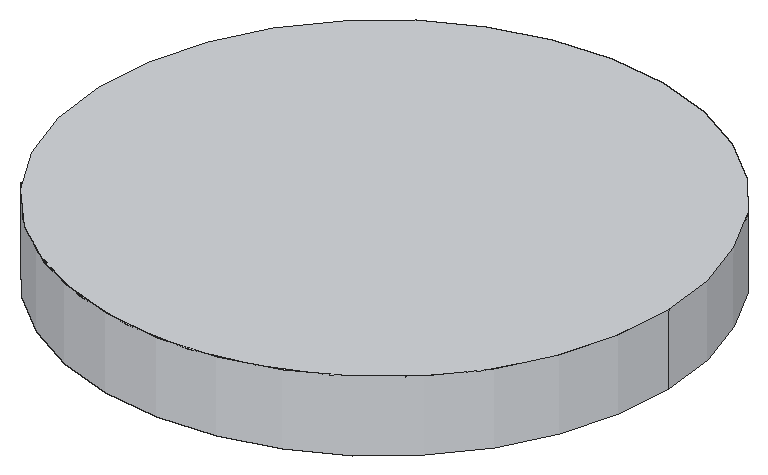
Revit family "1aceaf2303e14caba88818798fdf25a5", category Lighting Devices, host Face, Revit 2021
Family settings
  Host = Face
  Maintain Annotation Orientation = No
  Round Connector Dimension = Use Diameter
  Part Type = Normal
  OmniClass Number = 23.85.80.11.27
  OmniClass Title = Lighting Controls
  Seek Item ID = Lighting Devices - Balanced Power Connector-0000-USA-ENU
  Cut with Voids When Loaded = No
  Shared = No
  Room Calculation Point = No
Parameters (values of type "480 V")
  Thickness = 0' - 0 1/8"
  Radius = Diameter / 2  # 0' - 0 1/2"
  Load Classification = Other
  Diameter = 0' - 1"
  Default Elevation = 4' - 0"
  Connector Voltage = 480 V
  Connector Number of Poles = 3
  Assembly Code = ""
Types (5): name | Connector Voltage | Connector Number of Poles
  120 V | 120 V | 1
  277 V | 277 V | 1
  240 V | 240 V | 2
  208 V | 208 V | 3
  480 V | 480 V | 3
Reference planes (in)
  plane 1 "Center (Front/Back)": y = 0
  plane 2: z = 0
  plane 3 "Center (Left/Right)": x = 0
  plane 4: z = 0.125
Forms (in)
  Extrusion 1, solid
    sketch origin (0, 0, 0) x (1, 0, 0) y (0, 1, 0)
      loop
        circle (0, 0) r 0.5
    from 0.125 to 0
Dimensions and locks (in)
  "Thickness": plane 4 to plane 2
  "Radius": radius of Extrusion 1 sketch curve
  aligned and locked: plane 2 to host face
  aligned and locked: level to host face
  aligned and locked: Extrusion 1 to plane 2
  aligned and locked: plane 1 "Center (Front/Back)" to Extrusion 1 sketch curve
  aligned and locked: plane 3 "Center (Left/Right)" to Extrusion 1 sketch curve
  aligned and locked: plane 4 to Extrusion 1
Automatic sketch dimensions
  host sketch curve to host sketch curve = 8' - 0"  (x2)
Connectors (in)
  electrical at (0, 0, 0.125), driven by "Connector Voltage", driven by "Connector Number of Poles", driven by "Load Classification"
    settings: on Extrusion 1, index 1, voltage 480 V, apparent load 0 VA, apparent load phase1 0 VA, apparent load phase2 0 VA, apparent load phase3 0 VA, power factor 1, load classification "Other", number of poles 3, system type 30, power factor state 1, is connector primary yes, connector utility no, sub classification motor no, connector description ""
